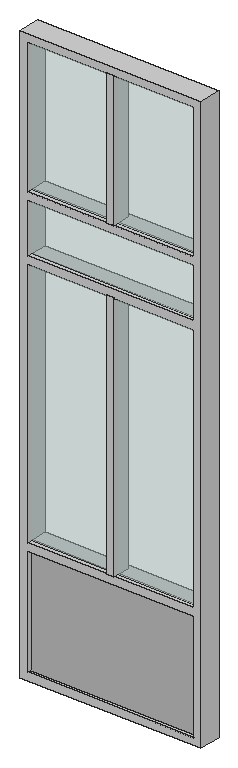
Revit family "CT_Jan_Ext_6Vid_A", category Windows, host Wall, Revit 2025
Family settings
  Host = Wall
  OmniClass Number = 23.30.20.00
  OmniClass Title = Windows
  Always vertical = Yes
  Cut with Voids When Loaded = No
  Shared = No
  Room Calculation Point = Yes
Parameters (values of type "JAN_FAC_6PA_INT_D")
  Material_Vidro = CT_Vidros
  Material_Painel_Inferior = CT_Placa_Cega
  Material_Esquadria = CT_Esquadrias_Aluminio
  Height [instance] = 4.000 m
  Espess_Esquadria = 0.050 m
  Define Thermal Properties by = Schematic Type
  Default Sill Height = 0.800 m
  Wall Closure = By host
  Width [instance] = 1.250 m
  Analytic Construction = "<None>"
  Alt_Bandeira_Sup = 1.000 m
  Alt_Bandeira_Inf = 1.800 m
Types (3, lengths in m): name | Material_Vidro | Material_Painel_Inferior | Material_Esquadria | Height | Alt_Bandeira_Sup | Alt_Bandeira_Inf
  JAN_FAC_6PA_INT_D | CT_Vidros | CT_Placa_Cega | CT_Esquadrias_Aluminio | 4.000 | 1.000 | 1.800
  JAN_FAC_6PA_INT_H | none | none | none | 3.450 | 0.900 | 1.250
  JAN_FAC_6PA_INT_A | none | none | CT_Esquadrias_Aluminio | 4.000 | 1.000 | 1.800
Reference planes (m)
  plane 1 "Center (Front/Back)": y = 0
  plane 2 "Center (Left/Right)": x = 0
  plane 3 "Left": x = -0.625
  plane 4 "Right": x = 0.625
  plane 5 "Sill": z = 0.8
  plane 6 "Head": z = 4
  plane 7 "Exterior": y = 0.05
  plane 8 "Interior": y = -0.05
  plane 9: z = 3
  plane 10: z = 2.6
Forms (m)
  Extrusion 1, solid, material "CT_Esquadrias_Aluminio" <- "Material_Esquadria"
    sketch origin (0, 0.05, 0) x (1, 0, 0) y (0, 0, 1)
      loop
        line (0.625, 4) -> (-0.625, 4) -> (-0.625, 0) -> (0.625, 0) -> (0.625, 4)
      loop
        line (-0.575, 0.8) -> (-0.575, 0.05) -> (0.575, 0.05) -> (0.575, 0.8) -> (-0.575, 0.8)
      loop
        line (-0.575, 3.95) -> (-0.575, 3.025) -> (0.575, 3.025) -> (0.575, 3.95) -> (-0.575, 3.95)
      loop
        line (-0.575, 2.975) -> (-0.575, 2.625) -> (0.575, 2.625) -> (0.575, 2.975) -> (-0.575, 2.975)
      loop
        line (0.575, 0.85) -> (0.575, 2.575) -> (-0.575, 2.575) -> (-0.575, 0.85) -> (0.575, 0.85)
    from -0.05 to 0.1
  Extrusion 2, solid, material "CT_Vidros" <- "Material_Vidro"
    sketch origin (0, 0.05, 0) x (1, 0, 0) y (0, 0, 1)
      loop
        line (0.575, 3.95) -> (0.025, 3.95) -> (0.025, 3.025) -> (0.575, 3.025) -> (0.575, 3.95)
      loop
        line (-0.025, 3.95) -> (-0.575, 3.95) -> (-0.575, 3.025) -> (-0.025, 3.025) -> (-0.025, 3.95)
      loop
        line (0.575, 2.975) -> (-0.575, 2.975) -> (-0.575, 2.625) -> (0.575, 2.625) -> (0.575, 2.975)
      loop
        line (0.575, 2.575) -> (0.025, 2.575) -> (0.025, 0.85) -> (0.575, 0.85) -> (0.575, 2.575)
      loop
        line (-0.025, 2.575) -> (-0.575, 2.575) -> (-0.575, 0.85) -> (-0.025, 0.85) -> (-0.025, 2.575)
    from 0.062444 to 0.074642
  Extrusion 3, solid, material "CT_Placa_Cega" <- "Material_Painel_Inferior"
    sketch origin (0, 0.05, 0) x (1, 0, 0) y (0, 0, 1)
      loop
        line (0.575, 0.8) -> (-0.575, 0.8) -> (-0.575, 0.05) -> (0.575, 0.05) -> (0.575, 0.8)
    from 0.062444 to 0.074642
  Extrusion 4, solid, material "CT_Esquadrias_Aluminio" <- "Material_Esquadria"
    sketch origin (0, 0.1, 0) x (-1, 0, 0) y (0, 0, 1)
      loop
        line (-0.025, 3.95) -> (-0.025, 3.025) -> (0.025, 3.025) -> (0.025, 3.95) -> (-0.025, 3.95)
    from -0.15 to -0.035
  Extrusion 5, solid, material "CT_Esquadrias_Aluminio" <- "Material_Esquadria"
    sketch origin (0, 0.1, -1.54) x (-1, 0, 0) y (0, 0, 1)
      loop
        line (-0.025, 4.115) -> (-0.025, 2.39) -> (0.025, 2.39) -> (0.025, 4.115) -> (-0.025, 4.115)
    from -0.15 to -0.035
Lines and regions (m)
  Opening 1
    outline origin (3.5, -0.05, 0) x (1, 0, 0) y (0, 0, 1)
      loop
        line (-2.875, 0) -> (-2.875, 4) -> (-4.125, 4) -> (-4.125, 0) -> (-2.875, 0)
Text (m)
  text "EXTERIOR" at (-1.963203, 1.332353, 0), in view "Ref. Level"
  text "INTERIOR" at (-1.981466, -0.818386, 0), in view "Ref. Level"
  text "Exterior" at (0, 0.923751, 2.943296), in view "Right"
  text "Exterior" at (0, 1.040484, 2.685409), in view "Left"
Dimensions and locks (m)
  equal spacing: plane 3 "Left", plane 2 "Center (Left/Right)", plane 4 "Right"
  "Width": plane 3 "Left" to plane 4 "Right"
  level to plane 6 "Head" = 4.000 m
  "Default Sill Height": plane 5 "Sill" to level
  locked: plane 7 "Exterior" to host wall
  locked: plane 8 "Interior" to host wall
  "Alt_Bandeira_Sup": plane 9 to plane 6 "Head"
  "Alt_Bandeira_Inf": plane 5 "Sill" to plane 10
  equal spacing: Extrusion 1 sketch curve, plane 9, Extrusion 1 sketch curve
  Extrusion 1 sketch curve to Extrusion 1 sketch curve = 0.050 m  (x2)
  "Espess_Esquadria": Extrusion 1 sketch curve to Extrusion 1 sketch curve  (x6)
  equal spacing: Extrusion 1 sketch curve, plane 10, Extrusion 1 sketch curve
  locked: Extrusion 1 to Extrusion 2 at 0.025358
  locked: Extrusion 2 to Extrusion 2 at 0.012199
  "Height": plane 6 "Head" to level
  locked: Extrusion 1 to Extrusion 1 at 0.15
  locked: Extrusion 5 to Extrusion 5 at 0.115
  aligned and locked: plane 8 "Interior" to Extrusion 1
  aligned and locked: plane 3 "Left" to Extrusion 1
  aligned and locked: Extrusion 1 to plane 4 "Right"
  aligned and locked: Extrusion 1 sketch curve to Extrusion 1 sketch curve  (x4)
  aligned and locked: Extrusion 1 to Extrusion 2 sketch curve  (x6)
  aligned and locked: Extrusion 2 sketch curve to Extrusion 1  (x5)
  aligned and locked: Extrusion 3 sketch curve to Extrusion 1  (x4)
  aligned and locked: Extrusion 3 to Extrusion 2  (x2)
  aligned and locked: level to Opening 1 sketch curve
  aligned and locked: Opening 1 sketch curve to plane 4 "Right"
  aligned and locked: Opening 1 sketch curve to plane 3 "Left"
  aligned and locked: Extrusion 4 sketch curve to Extrusion 2  (x4)
  aligned and locked: Extrusion 1 to Extrusion 4
  aligned and locked: Extrusion 5 to Extrusion 1  (x2)
  aligned and locked: Extrusion 1 to Extrusion 5
  aligned and locked: Extrusion 5 to Extrusion 4
  aligned and locked: host wall to Extrusion 1
Automatic sketch dimensions
  Opening 1 sketch curve to plane 6 "Head" = 0.000 m
  Extrusion 1 sketch curve to plane 3 "Left" = 0.000 m
  Extrusion 1 sketch curve to plane 5 "Sill" = 0.000 m
  Extrusion 1 sketch curve to plane 4 "Right" = 0.000 m
  Extrusion 1 sketch curve to level = 0.000 m
  Extrusion 1 sketch curve to plane 6 "Head" = 0.000 m
  Extrusion 1 sketch curve to Extrusion 1 sketch curve = 0.050 m
  Extrusion 1 sketch curve to plane 10 = 0.025 m
  plane 6 "Head" to Extrusion 1 sketch curve = 0.050 m
  plane 2 "Center (Left/Right)" to Extrusion 2 sketch curve = 0.025 m  (x2)
  Extrusion 2 sketch curve to plane 2 "Center (Left/Right)" = 0.025 m  (x2)
  Extrusion 2 sketch curve to plane 5 "Sill" = 0.050 m
  Extrusion 2 sketch curve to plane 10 = 0.025 m
  plane 9 to Extrusion 2 sketch curve = 0.025 m
  plane 6 "Head" to Extrusion 2 sketch curve = 0.050 m  (x2)
  Extrusion 5 sketch curve to plane 2 "Center (Left/Right)" = 0.025 m
  plane 2 "Center (Left/Right)" to Extrusion 5 sketch curve = 0.025 m
  Extrusion 5 sketch curve to plane 5 "Sill" = 0.050 m
  Extrusion 5 sketch curve to plane 10 = 0.025 m
